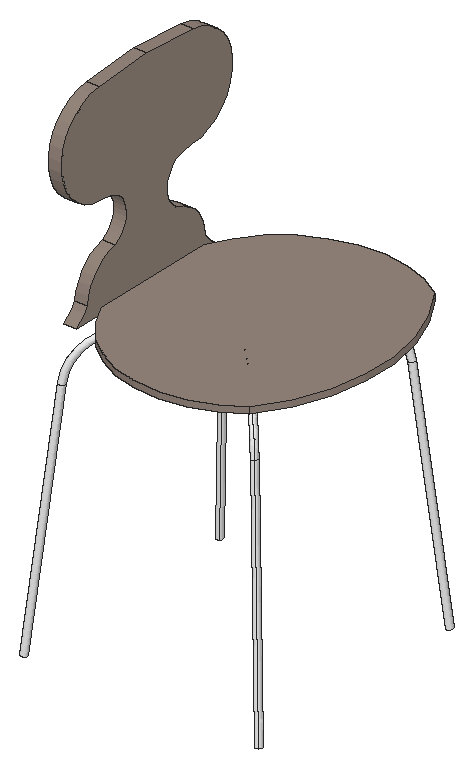
Revit family "Chair 2", category Furniture, Revit 2023
Family settings
  Work Plane-Based = No
  Enable Cutting in Views = No
  Always vertical = Yes
  Cut with Voids When Loaded = No
  Render Appearance Source = Family Geometry
  Shared = No
  Room Calculation Point = No
Parameters (values of type "Type 2A")
  Type Comments = "J"
  Keynote = "D"
  Manufacturer = ""
  Default Elevation = 0 mm
  Bracket Material = Herman Miller - Finish 47 Trivalent Chrome
  Model = ""
  Cushion/Chair Back Material = Herman Miller - Veneer Z5 Maple
  BG_DIM_Width1 [instance] = 1600 mm
  BG_DIM_Height1 [instance] = 1000 mm
  BG_DIM_Depth1 [instance] = 400 mm
  Assembly Code = "Ase2"
Reference planes
  plane 1 "Center F/B": y = -198.997
  plane 2: z = 0
  plane 3 "Center L/R": x = -1.022
Forms (mm)
  Sweep 1, solid, material "Herman Miller - Finish 47 Trivalent Chrome" <- "Bracket Material"
    path origin (61.052, -65.204, 45) x (0, 0, -1) y (0.707107, -0.707107, 0)
      loop
        line (45, -82.843) -> (-332.364, -36.508)
        arc (-332.364, -36.508) -> (-382.531, -10.114) -> (-402.615, 42.895) r 80
        line (-402.615, 42.895) -> (-402.615, 181.322)
    profile origin (18.855, -23.007, 188.682) x (-0.701836, 0.701836, 0.121869) y (-0.707107, -0.707107, 0)
      loop
        circle (0, 0) r 5
  Sweep 2, solid, material "Herman Miller - Finish 47 Trivalent Chrome" <- "Bracket Material"
    path origin (57.516, -325.168, 45) x (0, 0, -1) y (0.707107, 0.707107, 0)
      loop
        line (45, -82.843) -> (-332.364, -36.508)
        arc (-332.364, -36.508) -> (-382.531, -10.114) -> (-402.615, 42.895) r 80
        line (-402.615, 42.895) -> (-402.615, 181.322)
    profile origin (15.319, -367.364, 188.682) x (-0.701836, -0.701836, 0.121869) y (0.707107, -0.707107, 0)
      loop
        circle (0, 0) r 5
  Sweep 3, solid, material "Herman Miller - Finish 47 Trivalent Chrome" <- "Bracket Material"
    path origin (303.338, -65.204, 45) x (0, 0, -1) y (0.707107, 0.707107, 0)
      loop
        line (45, 82.843) -> (-332.364, 36.508)
        arc (-332.364, 36.508) -> (-382.531, 10.114) -> (-402.615, -42.895) r 80
        line (-402.615, -42.895) -> (-402.615, -181.322)
    profile origin (345.535, -23.007, 188.682) x (0.701836, 0.701836, 0.121869) y (-0.707107, 0.707107, 0)
      loop
        circle (0, 0) r 5
  Sweep 4, solid, material "Herman Miller - Finish 47 Trivalent Chrome" <- "Bracket Material"
    path origin (306.873, -325.168, 45) x (0, 0, -1) y (0.707107, -0.707107, 0)
      loop
        line (45, 82.843) -> (-332.364, 36.508)
        arc (-332.364, 36.508) -> (-382.531, 10.114) -> (-402.615, -42.895) r 80
        line (-402.615, -42.895) -> (-402.615, -181.322)
    profile origin (349.07, -367.364, 188.682) x (0.701836, -0.701836, 0.121869) y (0.707107, 0.707107, 0)
      loop
        circle (0, 0) r 5
  Extrusion 5, solid, material "Herman Miller - Veneer Z5 Maple" <- "Cushion/Chair Back Material"
    sketch origin (0, 0, 0) x (1, 0, 0) y (0, 1, 0)
      loop
        arc (340, -9.099) -> (152.776, 17.913) -> (32.728, -128.274) r 192.616
        line (32.728, -128.274) -> (32.728, -249.923)
        arc (32.728, -249.923) -> (152.776, -396.11) -> (340, -369.099) r 192.616
        arc (340, -369.099) -> (400.673, -189.099) -> (340, -9.099) r 297.34
    from 450 to 460
  Extrusion 6, solid, material "Herman Miller - Veneer Z5 Maple" <- "Cushion/Chair Back Material"
    sketch origin (390, -409.099, -27.081) x (0, 0, -1) y (0, 1, 0)
      loop
        arc (-498.809, 95.839) -> (-486.21, 86.065) -> (-477.081, 72.99) r 53.087
        line (-477.081, 72.99) -> (-477.081, 347.212)
        arc (-477.081, 347.212) -> (-486.21, 334.138) -> (-498.809, 324.364) r 53.087
        arc (-498.809, 324.364) -> (-539.073, 308.301) -> (-561.143, 270.989) r 67.175
        arc (-561.143, 270.989) -> (-601.737, 249.17) -> (-634.197, 281.887) r 38.521
        line (-634.197, 281.887) -> (-636.604, 298.938)
        arc (-636.604, 298.938) -> (-714.694, 376.726) -> (-796.127, 302.444) r 79.872
        line (-796.127, 302.444) -> (-802.584, 210.101) -> (-796.127, 117.759)
        arc (-796.127, 117.759) -> (-714.694, 43.477) -> (-636.604, 121.265) r 79.872
        line (-636.604, 121.265) -> (-634.197, 138.316)
        arc (-634.197, 138.316) -> (-601.737, 171.033) -> (-561.143, 149.213) r 38.521
        arc (-561.143, 149.213) -> (-539.073, 111.901) -> (-498.809, 95.839) r 67.175
    from -367.272 to -347.272
Dimensions and locks
  aligned and locked: plane 1 "Center F/B" to Extrusion 6
